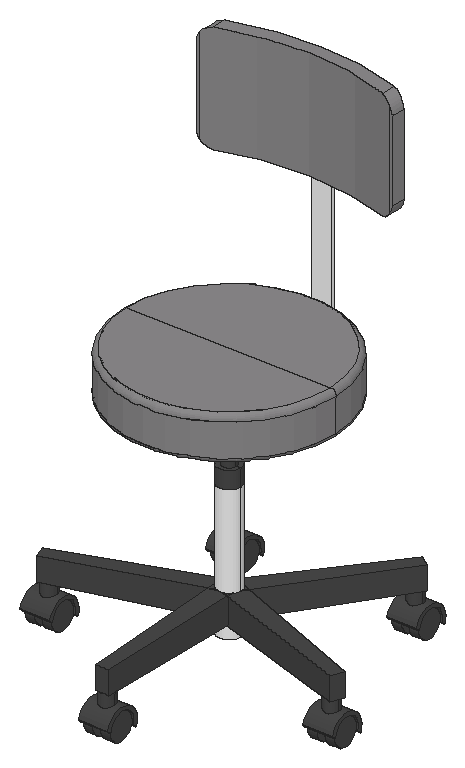
Revit family
Parameters (values of type "Value Series Stool")
  Upholstery = Upholstery - Midmark - 232 - Shadow
  URL = "http://www.midmark.com"
  Product Page URL = "http://www.midmark.com/en-us/AnimalHealthProducts/Seating/Pages/Midmark271AdjustableStool.aspx"
  Product Documentation Link = "http://www.midmark.com/marketing-collateral/007-0558-00.pdf"
  Model = "271"
  Manufacturer = "Midmark"
  Lift Height = Calculated Height - 0' 2"  # 1' - 4"
  Height = 1' - 6"
  Description = "Value Series Stool"
  Calculated Height = if(Height < 1' 6", 1' 6", if(Height > 2' 0 1/2", 2' 0 1/2", Height))  # 1' - 6"
  Assembly Code = "E2020"
Reference planes (in)
  plane 1 "Center Front/Back": y = 0
  plane 2: z = 0
  plane 3 "Center Left/Right": x = 0
  plane 4: z = 18
  plane 5: z = 5.25
  plane 6: z = 2
  plane 7: x = -12.11968
  plane 8: x = 11.86968
  plane 9: y = 10.87905
  plane 10: y = -12.83061
  plane 11: x = -12.86968
  plane 12: x = 12.61968
  plane 13: y = -13.58061
  plane 14: y = 11.62905
  plane 15: z = 21.5
  plane 16: y = 4
  plane 17: z = 38.25
Forms (in)
  Extrusion 1, solid, material "Chair - Midmark Coarse View", detail levels coarse
    sketch origin (0, 0, 0) x (1, 0, 0) y (0, 1, 0)
      loop
        line (-12.86968, 11.62905) -> (-12.86968, -13.58061) -> (12.61968, -13.58061) -> (12.61968, 11.62905) -> (-12.86968, 11.62905)
    from 0 to 38.25
Lines and regions (in)
  Masking region 1, detail levels coarse
    outline origin (0, 0, 0) x (1, 0, 0) y (0, 1, 0)
      loop
        line (-12.86968, 11.62905) -> (-12.86968, -13.58061) -> (12.61968, -13.58061) -> (12.61968, 11.62905) -> (-12.86968, 11.62905)
  Masking region 2, detail levels coarse
    outline origin (0, 0, 0) x (1, 0, 0) y (0, 0, 1)
      loop
        line (-12.86968, 38.25) -> (-12.86968, 0) -> (12.61968, 0) -> (12.61968, 38.25) -> (-12.86968, 38.25)
  Masking region 3, detail levels coarse
    outline origin (0, 0, 0) x (0, 1, 0) y (0, 0, 1)
      loop
        line (11.62905, 38.25) -> (-13.58061, 38.25) -> (-13.58061, 0) -> (11.62905, 0) -> (11.62905, 38.25)
Dimensions and locks (in)
  "Calculated Height": plane 4 to plane 2
  locked: plane 5 to plane 2 at 5.25
  locked: plane 6 to plane 2 at 2
  plane 14 to plane 9 to plane 1 "Center Front/Back" to plane 10 to plane 13 = 0' - 0 3/4" locked, 0' - 10.87905" locked, 1' - 0.83061" locked, 0' - 0 3/4" locked
  plane 11 to plane 7 = 0' - 0 3/4"
  locked: plane 15 to plane 4 at 3.5
  plane 3 "Center Left/Right" to plane 8 to Extrusion 1 = 0' - 11.86968" locked, 0' - 0 3/4" locked
  Extrusion 1 to plane 7 to plane 3 "Center Left/Right" = 0' - 0 3/4" locked, 1' - 0.11968" locked
  locked: plane 16 to plane 1 "Center Front/Back" at 4
  locked: plane 17 to plane 15 at 16.75
  plane 11 to plane 3 "Center Left/Right" to plane 12 = 1' - 0.86968" locked, 1' - 0.61968" locked
  aligned and locked: level to plane 2
  aligned and locked: plane 3 "Center Left/Right" to nested 2
  aligned and locked: plane 3 "Center Left/Right" to nested 1
  aligned and locked: plane 2 to nested 2
  aligned: plane 4 to nested 1
  aligned and locked: plane 1 "Center Front/Back" to nested 2
  aligned and locked: plane 1 "Center Front/Back" to nested 1
  aligned: plane 5 to nested 1
  aligned: nested 1 to plane 6
  aligned and locked: nested 3 to plane 4
  aligned and locked: plane 3 "Center Left/Right" to nested 3
  aligned and locked: plane 1 "Center Front/Back" to nested 3
  aligned and locked: nested 1 to plane 6
  aligned: plane 4 to nested 4
  aligned and locked: plane 3 "Center Left/Right" to nested 4
  aligned: Extrusion 1 to plane 15
  aligned and locked: plane 13 to Extrusion 1 sketch curve
  aligned and locked: Extrusion 1 sketch curve to plane 11
  aligned and locked: plane 14 to Extrusion 1 sketch curve
  aligned and locked: plane 12 to Extrusion 1
  aligned and locked: Extrusion 1 to plane 2
  aligned and locked: plane 13 to Masking region 1 sketch curve
  aligned and locked: Masking region 1 sketch curve to plane 11
  aligned and locked: plane 14 to Masking region 1 sketch curve
  aligned and locked: Masking region 1 sketch curve to plane 12
  aligned and locked: Masking region 2 sketch curve to plane 11
  aligned and locked: Masking region 2 sketch curve to plane 12
  aligned and locked: plane 2 to Masking region 2 sketch curve
  aligned and locked: plane 4 to nested 4
  aligned and locked: plane 4 to nested 5
  aligned and locked: plane 3 "Center Left/Right" to nested 5
  aligned and locked: nested 5 to plane 16
  aligned: nested 4 to plane 1 "Center Front/Back"
  aligned and locked: plane 17 to Extrusion 1
  aligned and locked: plane 17 to Masking region 2
  aligned and locked: plane 17 to Masking region 3 sketch curve
  aligned and locked: nested 4 to plane 1 "Center Front/Back"
  aligned and locked: Masking region 3 to plane 14
  aligned and locked: Masking region 3 to plane 13
  aligned and locked: Masking region 3 to plane 2
Automatic sketch dimensions
  Extrusion 1 sketch curve to plane 8 = 0' - 0 3/4"
  Masking region 2 sketch curve to plane 17 = 0' - 0"
  plane 13 to Masking region 3 sketch curve = 0' - 0"
  level to Masking region 3 sketch curve = 0' - 0"
  plane 9 to Masking region 3 sketch curve = 0' - 0 3/4"
Nested families (in)
  nested 1: "Hydralic Lift Chrome" at (0, 0, 2), type "Hydralic Lift Chrome"
  nested 2: "Feet Black" at (0, 0, 0), type "Feet Black"
  nested 3: "Round Cushion" at (0, 0, 18), type "Round Cushion"
  nested 4: "Air Lift No Lever" at (0, 1.875, 16.5), type "Air Lift No Lever"
  nested 5: "Chair Back Flat" at (0, 6.48584, 17.75), type "Chair Back Flat"
Definition of nested family "Hydralic Lift Chrome"
  Parameters (values of type "Hydralic Lift Chrome")
    Top Lift Material = Chair - Midmark - Chrome
    Height = 1' - 4"
    Bottom Lift Material = Chair - Midmark - Chrome
    Assembly Code = ""
  Reference planes (in)
    plane 1 "Center Front/Back": y = 0
    plane 2: z = 0
    plane 3 "Center Left/Right": x = 0
    plane 4: x = -0.87626
    plane 5: x = 0.87374
    plane 6: z = 16
    plane 7: y = 0.87671
    plane 8: y = -0.87329
    plane 9: z = 0
    plane 10 "Caster Instalation Point": z = 3.25
    plane 11: z = 11.39696
  Forms (in)
    Revolve 1, solid, material "Chair - Midmark - Chrome" <- "Bottom Lift Material"
      sketch origin (-0.00126, 0.00171, -2) x (1, 0, 0) y (0, 0, 1)
        loop
          line (0, 2) -> (0, 12.14696) -> (-0.875, 12.14696) -> (-0.875, 2) -> (0, 2)
        axis (0, 2) -> (0, 12.14696)
      angle from 0 to 360
    Revolve 2, solid, material "Chair - Midmark - Chrome" <- "Top Lift Material"
      sketch origin (-0.00126, 0.00171, -2) x (1, 0, 0) y (0, 0, 1)
        loop
          line (-0.875, 12.14696) -> (0, 12.14696) -> (0, 18) -> (-0.5, 18) -> (-0.5, 13.39696) -> (-0.875, 13.39696) -> (-0.875, 12.14696)
        axis (0, 18) -> (0, 12.14696)
      angle from 0 to 360
  Lines and regions (in)
    Masking region 1, detail levels medium+fine
      outline origin (0, 0, 0) x (1, 0, 0) y (0, 0, 1)
        loop
          line (-0.87626, 0) -> (0.87374, 0) -> (0.87374, 11.39696) -> (0.49874, 11.39696) -> (0.49874, 16) -> (-0.50126, 16) -> (-0.50126, 11.39696) -> (-0.87626, 11.39696) -> (-0.87626, 0)
    Masking region 2, detail levels coarse
      outline origin (0, 0, 0) x (1, 0, 0) y (0, 0, 1)
        loop
          line (0.87374, 16) -> (-0.87626, 16) -> (-0.87626, 0) -> (0.87374, 0) -> (0.87374, 16)
    Masking region 3, detail levels coarse
      outline origin (0, 0, 0) x (0, 1, 0) y (0, 0, 1)
        loop
          line (0.87671, 0) -> (0.87671, 16) -> (-0.87329, 16) -> (-0.87329, 0) -> (0.87671, 0)
    Masking region 4, detail levels medium+fine
      outline origin (0, 0, 0) x (0, 1, 0) y (0, 0, 1)
        loop
          line (0.87671, 0) -> (0.87671, 11.39696) -> (0.50171, 11.39696) -> (0.50171, 16) -> (-0.49829, 16) -> (-0.49829, 11.39696) -> (-0.87329, 11.39696) -> (-0.87329, 0) -> (0.87671, 0)
    Masking region 5, detail levels coarse
      outline origin (0, 0, 0) x (1, 0, 0) y (0, 1, 0)
        loop
          line (0.87374, 0.87671) -> (-0.87626, 0.87671) -> (-0.87626, -0.87329) -> (0.87374, -0.87329) -> (0.87374, 0.87671)
    Masking region 6, detail levels medium+fine
      outline origin (0, 0, 0) x (1, 0, 0) y (0, 1, 0)
        loop
          circle (0, 0) r 0.87625
    symbolic lines, detail levels fine
      curve 1: line (0, 0.87671, 10.14696) -> (0, -0.87329, 10.14696)
      curve 2: line (-0.87626, 0, 10.14696) -> (0.87374, 0, 10.14696)
      curve 3: line (-0.50126, 0, 11.39696) -> (0.49874, 0, 11.39696)
      curve 4: line (0, 0.50171, 11.39696) -> (0, -0.49829, 11.39696)
      curve 5: circle (0, 0, 0) r 0.5 normal (0, 0, 1)
  Dimensions and locks (in)
    "Height": plane 6 to plane 9
    locked: plane 10 "Caster Instalation Point" to plane 9 at 3.25
    locked: plane 11 to plane 10 "Caster Instalation Point" at 8.14696
    aligned and locked: level to plane 2
    aligned and locked: plane 9 to level
    aligned and locked: Revolve 2 to plane 11  (x2)
  Automatic sketch dimensions
    plane 1 "Center Front/Back" to curve 5 = 0' - 0"
    curve 5 to plane 3 "Center Left/Right" = 0' - 0"
    plane 4 to curve 2 = 0' - 0"
    plane 5 to curve 2 = 0' - 0"
    curve 3 to plane 4 = 0' - 0 3/8"
    plane 5 to curve 3 = 0' - 0 3/8"
    plane 10 "Caster Instalation Point" to curve 2 = 0' - 6.89696"
    curve 2 to curve 3 = 0' - 1 1/4"
    curve 1 to plane 8 = 0' - 0"
    curve 1 to plane 7 = 0' - 0"
    plane 8 to curve 4 = 0' - 0 3/8"
    curve 4 to plane 7 = 0' - 0 3/8"
    plane 10 "Caster Instalation Point" to curve 1 = 0' - 6.89696"
    curve 1 to curve 4 = 0' - 1 1/4"
    Revolve 1 sketch curve to level = 0' - 0"  (x2)
    plane 4 to Revolve 1 sketch curve = 0' - 0"
    Revolve 1 sketch curve to plane 3 "Center Left/Right" = 0' - 0.00126"
    Revolve 1 sketch curve to Revolve 1 sketch curve = 0' - 0"
    plane 10 "Caster Instalation Point" to Revolve 1 sketch curve = 0' - 6 3/4"
    Revolve 1 sketch curve to Revolve 1 sketch curve = 0' - 0.14696"
    plane 4 to Revolve 2 sketch curve = 0' - 0"
    Revolve 2 sketch curve to plane 6 = 0' - 0"  (x2)
    Revolve 2 sketch curve to plane 4 = 0' - 0 3/8"
    Revolve 2 sketch curve to plane 3 "Center Left/Right" = 0' - 0.00126"
    Revolve 2 sketch curve to Revolve 2 sketch curve = 0' - 0"
    plane 10 "Caster Instalation Point" to Revolve 2 sketch curve = 0' - 8.14696"
    Revolve 2 sketch curve to Revolve 2 sketch curve = 0' - 1 1/4"
    Revolve 2 sketch curve to Revolve 2 sketch curve = 0' - 0.89696"
    Masking region 1 sketch curve to level = 0' - 0"
    plane 4 to Masking region 1 sketch curve = 0' - 0"
    Masking region 1 sketch curve to plane 6 = 0' - 0"
    plane 5 to Masking region 1 sketch curve = 0' - 0"
    Masking region 1 sketch curve to plane 4 = 0' - 0 3/8"
    plane 5 to Masking region 1 sketch curve = 0' - 0 3/8"
    plane 10 "Caster Instalation Point" to Masking region 1 sketch curve = 0' - 8.14696"
    Masking region 1 sketch curve to Masking region 1 sketch curve = 0' - 0"
    plane 4 to Masking region 2 sketch curve = 0' - 0"
    Masking region 2 sketch curve to level = 0' - 0"
    plane 5 to Masking region 2 sketch curve = 0' - 0"
    Masking region 2 sketch curve to plane 6 = 0' - 0"
    Masking region 3 sketch curve to plane 6 = 0' - 0"
    Masking region 3 sketch curve to plane 8 = 0' - 0"
    Masking region 3 sketch curve to plane 7 = 0' - 0"
    Masking region 3 sketch curve to level = 0' - 0"
    Masking region 4 sketch curve to level = 0' - 0"
    Masking region 4 sketch curve to plane 8 = 0' - 0"
    Masking region 4 sketch curve to plane 6 = 0' - 0"
    Masking region 4 sketch curve to plane 7 = 0' - 0"
    plane 8 to Masking region 4 sketch curve = 0' - 0 3/8"
    Masking region 4 sketch curve to plane 7 = 0' - 0 3/8"
    plane 10 "Caster Instalation Point" to Masking region 4 sketch curve = 0' - 8.14696"
    Masking region 4 sketch curve to Masking region 4 sketch curve = 0' - 0"
    Masking region 5 sketch curve to plane 4 = 0' - 0"
    Masking region 5 sketch curve to plane 5 = 0' - 0"
    Masking region 5 sketch curve to plane 8 = 0' - 0"
    Masking region 5 sketch curve to plane 7 = 0' - 0"
    plane 1 "Center Front/Back" to Masking region 6 sketch curve = 0' - 0"
    Masking region 6 sketch curve to plane 3 "Center Left/Right" = 0' - 0"
    radius of curve 5 = 0' - 0 1/2"
    radius of Masking region 6 sketch curve = 0' - 0.87625"
Definition of nested family "Feet Black"
  Parameters (values of type "Feet Black")
    Feet Material = Chair - Midmark - Black Plastic
    Assembly Code = ""
  Reference planes (in)
    plane 1 "Center Front/Back": y = 0
    plane 2: z = 0
    plane 3 "Center Left/Right": x = 0
    plane 4: z = 3.14669
    plane 5: x = -12.11968
    plane 6: x = 11.86968
    plane 7: z = 5.14669
    plane 8: y = 10.87905
    plane 9: y = -12.83061
    plane 10: z = 0
    plane 11 "Left": x = -12.6741
    plane 12 "Front": y = -13.53243
    plane 13 "Back": y = 11.53243
    plane 14 "Right": x = 12.4241
  Forms (in)
    Blend 1, solid, material "Chair - Midmark - Black Plastic" <- "Feet Material"
      base sketch origin (-0.02, 0.01151, 2.71936) x (0.999996, 0.002747, 0) y (0, 0, 1)
        loop
          line (0.71241, 2.42733) -> (-0.78759, 2.42733) -> (-0.78759, 0.42733) -> (0.71241, 0.42733) -> (0.71241, 2.42733)
      top sketch origin (-0.02, 0.01151, 2.71936) x (0.999996, 0.002747, 0) y (0, 0, 1)
        loop
          line (-0.50634, 0.42733) -> (0.49366, 0.42733) -> (0.49366, 2.17733) -> (-0.50634, 2.17733) -> (-0.50634, 0.42733)
      from 0 to 12
    Blend 2, solid, material "Chair - Midmark - Black Plastic" <- "Feet Material"
      base sketch origin (0.00505, 0.01375, 2.71936) x (0.331216, 0.943555, 0) y (0, 0, 1)
        loop
          line (0.71241, 2.42733) -> (-0.78759, 2.42733) -> (-0.78759, 0.42733) -> (0.71241, 0.42733) -> (0.71241, 2.42733)
      top sketch origin (0.00505, 0.01375, 2.71936) x (0.331216, 0.943555, 0) y (0, 0, 1)
        loop
          line (-0.50634, 0.42733) -> (0.49366, 0.42733) -> (0.49366, 2.17733) -> (-0.50634, 2.17733) -> (-0.50634, 0.42733)
      from 0 to 12
    Blend 3, solid, material "Chair - Midmark - Black Plastic" <- "Feet Material"
      base sketch origin (-0.00087, -0.04805, 2.71936) x (0.286648, -0.958036, 0) y (0, 0, 1)
        loop
          line (0.71241, 2.42733) -> (-0.78759, 2.42733) -> (-0.78759, 0.42733) -> (0.71241, 0.42733) -> (0.71241, 2.42733)
      top sketch origin (-0.00087, -0.04805, 2.71936) x (0.286648, -0.958036, 0) y (0, 0, 1)
        loop
          line (-0.50634, 0.42733) -> (0.49366, 0.42733) -> (0.49366, 2.17733) -> (-0.50634, 2.17733) -> (-0.50634, 0.42733)
      from 0 to 12
    Blend 4, solid, material "Chair - Midmark - Black Plastic" <- "Feet Material"
      base sketch origin (0.03408, -0.0149, 2.71936) x (0.822567, -0.568668, 0) y (0, 0, -1)
        loop
          line (0.71241, -2.42733) -> (0.71241, -0.42733) -> (-0.78759, -0.42733) -> (-0.78759, -2.42733) -> (0.71241, -2.42733)
      top sketch origin (0.03408, -0.0149, 2.71936) x (0.822567, -0.568668, 0) y (0, 0, -1)
        loop
          line (-0.50634, -0.42733) -> (-0.50634, -2.17733) -> (0.49366, -2.17733) -> (0.49366, -0.42733) -> (-0.50634, -0.42733)
      from 0 to 12
    Blend 5, solid, material "Chair - Midmark - Black Plastic" <- "Feet Material"
      base sketch origin (0.02615, 0.03051, 2.71936) x (0.795022, 0.60658, 0) y (0, 0, -1)
        loop
          line (0.71241, -2.42733) -> (0.71241, -0.42733) -> (-0.78759, -0.42733) -> (-0.78759, -2.42733) -> (0.71241, -2.42733)
      top sketch origin (0.02615, 0.03051, 2.71936) x (0.795022, 0.60658, 0) y (0, 0, -1)
        loop
          line (-0.50634, -0.42733) -> (-0.50634, -2.17733) -> (0.49366, -2.17733) -> (0.49366, -0.42733) -> (-0.50634, -0.42733)
      from 0 to 12
  Lines and regions (in)
    Masking region 1, detail levels coarse
      outline origin (0, -13.53243, 0) x (-1, 0, 0) y (0, 0, 1)
        loop
          line (12.11968, 5.14669) -> (-11.86968, 5.14669) -> (-11.86968, 0) -> (12.11968, 0) -> (12.11968, 5.14669)
    Masking region 2, detail levels coarse
      outline origin (-12.6741, 0, 0) x (0, 1, 0) y (0, 0, 1)
        loop
          line (10.87905, 5.14669) -> (-12.83061, 5.14669) -> (-12.83061, 0) -> (10.87905, 0) -> (10.87905, 5.14669)
    Masking region 3, detail levels coarse
      outline origin (0, 0, 0) x (1, 0, 0) y (0, 1, 0)
        loop
          line (-12.11968, 10.87905) -> (-12.11968, -12.83061) -> (11.86968, -12.83061) -> (11.86968, 10.87905) -> (-12.11968, 10.87905)
    Masking region 4, detail levels medium+fine
      outline origin (0, 0, 0) x (1, 0, 0) y (0, 0, 1)
        loop
          line (-11.29362, 0) -> (-11.29362, 0.4641) -> (-10.70638, 0.4641) -> (-10.70638, 0) -> (-9.98951, 0) -> (-9.98951, 0.4641) -> (-9.88032, 0.4641) -> (-9.88032, 2.35385) -> (-10.44, 2.35385) -> (-10.44, 3.14669) -> (-7.55329, 3.14669) -> (-7.55329, 2.35385) -> (-8.11968, 2.35385) -> (-8.11968, 0.4641) -> (-8.01049, 0.4641) -> (-8.01049, 0) -> (-7.29362, 0) -> (-7.29362, 0.4641) -> (-6.70638, 0.4641) -> (-6.70638, 0) -> (-5.98951, 0) -> (-5.98951, 0.4641) -> (-5.88032, 0.4641) -> (-5.88032, 2.35385) -> (-6.44, 2.35385) -> (-6.44, 3.14669) -> (-0.55329, 3.14669) -> (-0.55329, 2.35385) -> (-1.11968, 2.35385) -> (-1.11968, 0.4641) -> (-1.01049, 0.4641) -> (-1.01049, 0) -> (-0.29362, 0) -> (-0.29362, 0.4641) -> (0.29362, 0.4641) -> (0.29362, 0) -> (1.01049, 0) -> (1.01049, 0.4641) -> (1.11968, 0.4641) -> (1.11968, 2.35385) -> (0.56, 2.35385) -> (0.56, 3.14669) -> (5.93762, 3.14669) -> (5.93762, 2.35385) -> (5.38032, 2.35385) -> (5.38032, 0.4641) -> (5.48951, 0.4641) -> (5.48951, 0) -> (6.20638, 0) -> (6.20638, 0.4641) -> (6.79362, 0.4641) -> (6.79362, 0) -> (7.51049, 0) -> (7.51049, 0.4641) -> (7.61968, 0.4641) -> (7.61968, 2.35385) -> (7.06, 2.35385) -> (7.06, 3.14669) -> (10.19671, 3.14669) -> (10.19671, 2.35385) -> (9.63032, 2.35385) -> (9.63032, 0.4641) -> (9.73951, 0.4641) -> (9.73951, 0) -> (10.45638, 0) -> (10.45638, 0.4641) -> (11.04362, 0.4641) -> (11.04362, 0) -> (11.76049, 0) -> (11.76049, 0.4641) -> (11.86968, 0.4641) -> (11.86968, 2.35385) -> (11.31, 2.35385) -> (11.31, 3.14669) -> (11.49121, 3.14669) -> (11.49121, 4.89669) -> (0.68577, 5.13681) -> (-0.76806, 5.13681) -> (-11.64244, 4.89669) -> (-11.64244, 3.14669) -> (-11.55329, 3.14669) -> (-11.55329, 2.35385) -> (-12.11968, 2.35385) -> (-12.11968, 0.4641) -> (-12.01049, 0.4641) -> (-12.01049, 0) -> (-11.29362, 0)
    Masking region 5, detail levels medium+fine
      outline origin (0, 0, 0) x (0, 1, 0) y (0, 0, 1)
        loop
          arc (10.78122, 0.4641) -> (10.77146, 1.50846) -> (10.03266, 2.24667) r 1.37951
          line (10.03266, 2.24667) -> (10.03266, 3.14669) -> (10.14385, 3.14669) -> (10.14839, 4.87753) -> (-0.00333, 5.13888) -> (-12.08812, 4.88709) -> (-12.08812, 2.21814)
          arc (-12.08812, 2.21814) -> (-12.56152, 1.84498) -> (-12.83061, 1.30559) r 1.37951
          line (-12.83061, 1.30559) -> (-12.4904, 0.96538)
          arc (-12.4904, 0.96538) -> (-11.58868, 0.00478) -> (-10.5174, 0.77172) r 1
          line (-10.5174, 0.77172) -> (-10.20978, 0.4641)
          arc (-10.20978, 0.4641) -> (-10.22081, 1.51145) -> (-10.96434, 2.24917) r 1.37951
          line (-10.96434, 2.24917) -> (-10.96434, 3.14669) -> (-4.33492, 3.14669) -> (-4.33492, 2.22392)
          arc (-4.33492, 2.22392) -> (-4.81625, 1.85021) -> (-5.08961, 1.30559) r 1.37951
          line (-5.08961, 1.30559) -> (-4.74804, 0.96402)
          arc (-4.74804, 0.96402) -> (-4.35165, 0.20158) -> (-3.50881, 0.03407) r 0.99276
          arc (-3.50881, 0.03407) -> (-2.73642, 0.14196) -> (-2.2764, 0.77172) r 1
          line (-2.2764, 0.77172) -> (-1.96878, 0.4641)
          arc (-1.96878, 0.4641) -> (-1.97757, 1.50613) -> (-2.71269, 2.24471) r 1.37951
          line (-2.71269, 2.24471) -> (-2.71269, 3.14669) -> (8.6558, 3.14669) -> (8.6558, 2.21954)
          arc (8.6558, 2.21954) -> (8.1805, 1.84624) -> (7.91039, 1.30559) r 1.37951
          line (7.91039, 1.30559) -> (8.25, 1)
          arc (8.25, 1) -> (8.63833, 0.20254) -> (9.50189, 0) r 1.03326
          arc (9.50189, 0) -> (10.04186, 0.15959) -> (10.40777, 0.58755) r 0.99117
          line (10.40777, 0.58755) -> (10.53122, 0.4641)
          arc (10.53122, 0.4641) -> (10.55798, 0.56372) -> (10.58105, 0.66427) r 2.79724
          line (10.58105, 0.66427) -> (10.78122, 0.4641)
    Masking region 6, detail levels medium+fine
      outline origin (0, 0, 0) x (1, 0, 0) y (0, 1, 0)
        loop
          line (1.11968, -12.83061) -> (1.11968, -10.11952) -> (0.56, -10.11952) -> (0.67622, -1.03222) -> (9.63032, -3.94159) -> (9.63032, -5.08961) -> (11.86968, -5.08961) -> (11.88032, -2.38179) -> (9.63032, -2.38179) -> (9.64126, -2.80754) -> (1.13452, 0.35388) -> (6.32371, 8.16039) -> (7.61968, 8.16039) -> (7.61968, 10.86821) -> (5.38032, 10.86821) -> (5.38887, 8.73511) -> (-0.01517, 1.22973) -> (-5.86968, 8.61974) -> (-5.86968, 10.62905) -> (-8.11968, 10.62905) -> (-8.11968, 7.91039) -> (-6.67216, 7.91039) -> (-1.20683, 0.388) -> (-9.88032, -2.43019) -> (-9.88032, -1.87095) -> (-12.11968, -1.87095) -> (-12.11968, -4.58961) -> (-9.88032, -4.58961) -> (-9.88032, -3.54845) -> (-0.78101, -1.00564) -> (-0.54255, -10.11195) -> (-1.11968, -10.11195) -> (-1.11968, -12.83061) -> (1.11968, -12.83061)
    symbolic lines, detail levels fine
      curve 1: line (11.16, 0, 3.14669) -> (11.16, 0, 4.89669)
      curve 2: line (-11.35579, 0, 3.14669) -> (-11.35579, 0, 4.89669)
      curve 3: line (-12.11968, 0, 1.09001) -> (-9.88032, 0, 1.09001)
      curve 4: line (-12.11968, 0, 1.30559) -> (-9.88032, 0, 1.30559)
      curve 5: line (-10.70638, 0, 1.09001) -> (-10.70206, 0, 0.45757)
      curve 6: line (-11.29362, 0, 1.09001) -> (-11.29362, 0, 0.4641)
      curve 7: line (-12.11968, 0, 0.66069) -> (-12.01049, 0, 0.66069)
      curve 8: line (-11.29362, 0, 0.66069) -> (-10.70345, 0, 0.66069)
      curve 9: line (-9.98951, 0, 0.66069) -> (-9.88032, 0, 0.66069)
      curve 10: line (-8.11968, 0, 1.09001) -> (-5.88032, 0, 1.09001)
      curve 11: line (-8.11968, 0, 1.30559) -> (-5.88032, 0, 1.30559)
      curve 12: line (-6.70638, 0, 1.09001) -> (-6.70206, 0, 0.45757)
      curve 13: line (-7.29362, 0, 1.09001) -> (-7.29362, 0, 0.4641)
      curve 14: line (-8.11968, 0, 0.66069) -> (-8.01049, 0, 0.66069)
      curve 15: line (-7.29362, 0, 0.66069) -> (-6.70345, 0, 0.66069)
      curve 16: line (-5.98951, 0, 0.66069) -> (-5.88032, 0, 0.66069)
      curve 17: line (-1.11968, 0, 1.09001) -> (1.11968, 0, 1.09001)
      curve 18: line (-1.11968, 0, 1.30559) -> (1.11968, 0, 1.30559)
      curve 19: line (0.29362, 0, 1.09001) -> (0.29794, 0, 0.45757)
      curve 20: line (-0.29362, 0, 1.09001) -> (-0.29362, 0, 0.4641)
      curve 21: line (-1.11968, 0, 0.66069) -> (-1.01049, 0, 0.66069)
      curve 22: line (-0.29362, 0, 0.66069) -> (0.29655, 0, 0.66069)
      curve 23: line (1.01049, 0, 0.66069) -> (1.11968, 0, 0.66069)
      curve 24: line (5.38032, 0, 1.09001) -> (7.61968, 0, 1.09001)
      curve 25: line (5.38032, 0, 1.30559) -> (7.61968, 0, 1.30559)
      curve 26: line (6.79362, 0, 1.09001) -> (6.79794, 0, 0.45757)
      curve 27: line (6.20638, 0, 1.09001) -> (6.20638, 0, 0.4641)
      curve 28: line (5.38032, 0, 0.66069) -> (5.48951, 0, 0.66069)
      curve 29: line (6.20638, 0, 0.66069) -> (6.79655, 0, 0.66069)
      curve 30: line (7.51049, 0, 0.66069) -> (7.61968, 0, 0.66069)
      curve 31: line (9.63032, 0, 1.09001) -> (11.86968, 0, 1.09001)
      curve 32: line (9.63032, 0, 1.30559) -> (11.86968, 0, 1.30559)
      curve 33: line (11.04362, 0, 1.09001) -> (11.04794, 0, 0.45757)
      curve 34: line (10.45638, 0, 1.09001) -> (10.45638, 0, 0.4641)
      curve 35: line (9.63032, 0, 0.66069) -> (9.73951, 0, 0.66069)
      curve 36: line (10.45638, 0, 0.66069) -> (11.04655, 0, 0.66069)
      curve 37: line (11.76049, 0, 0.66069) -> (11.86968, 0, 0.66069)
      curve 55: line (-0.49337, -11.98984, 0) -> (0.50663, -11.98984, 0)
      curve 56: line (0.50663, -11.98984, 0) -> (0.53568, -10.11316, 0)
      curve 57: line (-0.54251, -10.11347, 0) -> (-0.49337, -11.98984, 0)
      curve 58: line (9.63032, -3.94159, 0) -> (11.16, -4.43861, 0)
      curve 59: line (11.16, -4.43861, 0) -> (11.49121, -3.49506, 0)
      curve 60: line (11.49121, -3.49506, 0) -> (9.61649, -2.79834, 0)
      curve 61: line (5.38032, 8.68314, 0) -> (6.44159, 10.14385, 0)
      curve 62: line (6.44159, 10.14385, 0) -> (7.27439, 9.59027, 0)
      curve 63: line (7.27439, 9.59027, 0) -> (6.32915, 8.16857, 0)
      curve 64: line (-6.67216, 7.91039, 0) -> (-7.65536, 9.26364, 0)
      curve 65: line (-7.65536, 9.26364, 0) -> (-6.87152, 9.88461, 0)
      curve 66: line (-6.87152, 9.88461, 0) -> (-5.89303, 8.64949, 0)
      curve 67: line (-9.88032, -3.54845, 0) -> (-11.31738, -3.97842, 0)
      curve 68: line (-11.31738, -3.97842, 0) -> (-11.62639, -3.02737, 0)
      curve 69: line (-11.62639, -3.02737, 0) -> (-9.88032, -2.46003, 0)
      curve 70: line (0, 9.78318, 2.24646) -> (0, 9.78318, 3.14669)
      curve 71: line (0, 9.78318, 3.14669) -> (0, 9.87022, 3.14669)
      curve 72: line (0, 9.87022, 3.14669) -> (0, 9.87022, 4.89669)
      curve 73: line (0, 9.26364, 3.14669) -> (0, 9.26364, 4.89669)
      curve 74: line (0, -3.00274, 3.14669) -> (0, -3.00274, 4.89669)
      curve 75: line (0, -3.00274, 4.89669) -> (0, 0.48934, 5.13206)
      curve 76: line (0, -3.00274, 4.89669) -> (0, -3.96077, 4.89669)
      curve 77: line (0, -3.96077, 4.89669) -> (0, -0.73852, 5.14608)
      curve 78: line (0, -3.96077, 4.89669) -> (0, -3.96077, 3.14669)
      curve 79: line (0, -10.96434, 2.24917) -> (0, -10.96434, 3.14669)
      curve 80: line (0, -11.98709, 3.14669) -> (0, 10.03266, 3.14669)
      curve 81: arc (0, -11.491, 0) -> (0, -10.78389, 1.70711) -> (0, -12.491, 1) r 1
      curve 82: arc (0, -12.61503, 1.09001) -> (0, -11.27594, 2.0831) -> (0, -10.40637, 0.66069) r 1.12951
      curve 83: arc (0, -12.07696, 2.22344) -> (0, -10.54543, 1.97837) -> (0, -10.20978, 0.4641) r 1.37951
      curve 84: line (0, -4.33492, 3.14669) -> (0, -4.33492, 2.22392)
      curve 85: line (0, -3.83887, 3.14669) -> (0, -3.83887, 2.22207)
      curve 86: line (0, -2.71269, 3.14669) -> (0, -2.71269, 2.24471)
      curve 87: circle (0, -3.25, 1.00671) r 0.99975 normal (1, 0, 0)
      curve 88: line (0, -1.96878, 0.4641) -> (0, -2.16537, 0.66069)
      curve 89: line (0, -4.37403, 1.09001) -> (0, -4.58961, 1.30559)
      curve 90: line (0, -4.87403, 1.09001) -> (0, -5.08961, 1.30559)
      curve 91: arc (0, -5.08961, 1.30559) -> (0, -4.63517, 2.0328) -> (0, -3.83887, 2.35102) r 1.37951
      curve 92: arc (0, -4.87403, 1.09001) -> (0, -4.64461, 1.66541) -> (0, -4.1418, 2.02722) r 1.10602
      curve 93: arc (0, -4.58961, 1.30559) -> (0, -2.82873, 2.28781) -> (0, -1.96878, 0.4641) r 1.37951
      curve 94: arc (0, -4.37403, 1.09001) -> (0, -3.03494, 2.0831) -> (0, -2.16537, 0.66069) r 1.12951
      curve 95: arc (0, 7.91039, 1.30559) -> (0, 9.58079, 2.31349) -> (0, 10.58869, 0.64309) r 1.37951
      curve 96: arc (0, 10.03807, 2.24439) -> (0, 9.91135, 2.28574) -> (0, 9.78318, 2.32232) r 3.56322
      curve 97: arc (0, 8.25, 1) -> (0, 9.25, 2) -> (0, 10.25, 1) r 1
      curve 98: arc (0, 8.25, 1) -> (0, 9.25, 0) -> (0, 10.25, 1) r 1
      curve 99: line (0, 8.6558, 2.21954) -> (0, 8.6558, 3.14669)
      curve 100: arc (0, -4.37789, 1.76929) -> (0, -4.64034, 0.54492) -> (0, -3.49554, 0.03758) r 0.99276
      curve 101: arc (0, 10.33463, 0.66069) -> (0, 9.46506, 2.0831) -> (0, 8.12597, 1.09001) r 1.12951
      curve 102: line (0, 10.53122, 0.4641) -> (0, 10.33463, 0.66069)
      curve 103: line (0, 8.12597, 1.09001) -> (0, 7.91039, 1.30559)
      curve 104: line (0, -10.40637, 0.66069) -> (0, -10.20978, 0.4641)
      curve 105: line (-11.55329, 0, 3.14669) -> (-10.44, 0, 3.14669)
      curve 106: line (-7.55329, 0, 3.14669) -> (-6.44, 0, 3.14669)
      curve 107: line (-0.55329, 0, 3.14669) -> (0.56, 0, 3.14669)
      curve 108: line (5.93762, 0, 3.14669) -> (7.06, 0, 3.14669)
      curve 109: line (10.19671, 0, 3.14669) -> (11.31, 0, 3.14669)
    symbolic lines, style "Furniture", detail levels fine
      curve 38: line (-11.55329, 0, 2.35385) -> (-10.44, 0, 2.35385)
      curve 39: line (-7.55329, 0, 2.35385) -> (-6.44, 0, 2.35385)
      curve 40: line (-0.55329, 0, 2.35385) -> (0.56, 0, 2.35385)
      curve 41: line (5.93762, 0, 2.35385) -> (7.06, 0, 2.35385)
      curve 42: line (11.16, 0, 3.14669) -> (11.16, 0, 4.89669)
      curve 43: line (7.26416, 0, 3.14669) -> (7.26416, 0, 4.89669)
      curve 44: line (7.26416, 0, 4.89669) -> (0.62008, 0, 5.14669)
      curve 45: line (6.44159, 0, 3.14669) -> (6.44159, 0, 4.89669)
      curve 46: line (6.44159, 0, 4.89669) -> (-0.20312, 0, 5.13214)
      curve 47: line (-7.67041, 0, 3.14669) -> (-7.67041, 0, 4.89669)
      curve 48: line (-7.67041, 0, 4.89669) -> (-1.02633, 0, 5.14669)
      curve 49: line (-6.84784, 0, 3.14669) -> (-6.84784, 0, 4.89669)
      curve 50: line (-6.84784, 0, 4.89669) -> (-0.20312, 0, 5.13214)
      curve 51: line (-7.55329, 0, 2.35385) -> (-6.44, 0, 2.35385)
      curve 52: line (-0.55329, 0, 2.35385) -> (0.56, 0, 2.35385)
      curve 53: line (5.94671, 0, 2.35385) -> (7.06, 0, 2.35385)
      curve 54: line (10.19671, 0, 2.35385) -> (11.31, 0, 2.35385)
  Dimensions and locks (in)
    aligned and locked: level to plane 2
  Nested families (in)
    nested 1: "Casters Black" at (0, -11.491, 0), type "Casters Black"
    nested 2: "Casters Black" at (-11, -3.25, 0), type "Casters Black"
    nested 3: "Casters Black" at (-7, 9.25, 0), type "Casters Black"
    nested 4: "Casters Black" at (6.5, 9.5, 0), type "Casters Black"
    nested 5: "Casters Black" at (10.75, -3.75, 0), type "Casters Black"
  Definition of nested family "Casters Black"
    Parameters (values of type "Casters Black")
      Assembly Code = ""
    Reference planes (in)
      plane 1 "Center Front/Back": y = 0
      plane 2: z = 0
      plane 3 "Center Left/Right": x = 0
      plane 4: z = 3.14669
      plane 5: x = 1.11968
      plane 6: x = -1.11968
    Forms (in)
      Extrusion 1, solid, material "Chair - Midmark - Black Plastic"
        sketch origin (-0.01049, 0, -0.76917) x (0, -1, 0) y (0, 0, 1)
          loop
            circle (0, 1.76917) r 1
        from 0.28313 to 1
      Extrusion 2, solid, material "Chair - Midmark - Black Plastic"
        sketch origin (-0.01049, 0, -0.76917) x (0, -1, 0) y (0, 0, 1)
          loop
            arc (-1.08463, 1.42986) -> (-0.21506, 2.85227) -> (1.12403, 1.85918) r 1.12951
            line (1.12403, 1.85918) -> (1.33961, 2.07476)
            arc (1.33961, 2.07476) -> (-0.42127, 3.05698) -> (-1.28122, 1.23327) r 1.37951
            line (-1.28122, 1.23327) -> (-1.08463, 1.42986)
        from -1.13017 to 1.10918
      Extrusion 3, solid, material "Chair - Midmark - Black Plastic"
        sketch origin (0, 0.42399, -0.76917) x (1, 0, 0) y (0, 1, 0)
          loop
            circle (0, -0.45133) r 0.56
        from 2.89024 to 3.91587
      Extrusion 4, solid, material "Chair - Midmark - Black Plastic"
        sketch origin (0.01049, 0, -0.76917) x (0, -1, 0) y (0, 0, -1)
          loop
            circle (0, -1.76917) r 1
        from 0.28313 to 1
    Dimensions and locks (in)
      aligned and locked: level to plane 2
Definition of nested family "Round Cushion"
  Parameters (values of type "Round Cushion")
    Upholstery = Upholstery - Midmark - 216 - Pebble Grey
    Assembly Code = ""
  Reference planes (in)
    plane 1 "Center Front/Back": y = 0
    plane 2: z = 0
    plane 3 "Center Left/Right": x = 0
    plane 4: x = -8.09717
    plane 5: z = 3.25
    plane 6: x = 8.09293
    plane 7: y = 8.05646
    plane 8: y = -8.11896
    plane 9: z = 0
  Forms (in)
    Revolve 1, solid, material "Upholstery - Midmark - 216 - Pebble Grey" <- "Upholstery"
      sketch origin (-0.00688, -0.01945, -23) x (1, 0, 0) y (0, 0, 1)
        loop
          arc (-8.071, 23.25) -> (-7.99777, 23.07322) -> (-7.821, 23) r 0.25
          line (-7.821, 23) -> (0, 23) -> (0, 26.25) -> (-7.72089, 26.25)
          arc (-7.72089, 26.25) -> (-7.97477, 26.05519) -> (-8.071, 25.75) r 0.53209
          line (-8.071, 25.75) -> (-8.071, 23.25)
        axis (0, 26.25) -> (0, 23)
      angle from 0 to 360
  Lines and regions (in)
    Masking region 1, detail levels medium+fine
      outline origin (0, 0, 0) x (1, 0, 0) y (0, 0, 1)
        loop
          arc (-8.09717, 0.2242) -> (-8.03151, 0.06567) -> (-7.87297, 0) r 0.2242
          line (-7.87297, 0) -> (0, 0) -> (7.86873, 0)
          arc (7.86873, 0) -> (8.02726, 0.06567) -> (8.09293, 0.2242) r 0.2242
          line (8.09293, 0.2242) -> (8.09293, 2.7242)
          arc (8.09293, 2.7242) -> (7.99158, 3.04528) -> (7.72427, 3.25) r 0.55928
          line (7.72427, 3.25) -> (-0.00688, 3.25) -> (-7.72852, 3.25)
          arc (-7.72852, 3.25) -> (-7.99583, 3.04528) -> (-8.09717, 2.7242) r 0.55928
          line (-8.09717, 2.7242) -> (-8.09717, 0.2242)
    Masking region 2, detail levels coarse
      outline origin (-0.03199, 0, 0) x (1, 0, 0) y (0, 0, 1)
        loop
          line (-8.06518, 0) -> (8.12492, 0) -> (8.12492, 3.25) -> (-8.06518, 3.25) -> (-8.06518, 0)
    Masking region 3, detail levels coarse
      outline origin (0, 0, 0) x (0, 1, 0) y (0, 0, 1)
        loop
          line (8.05646, 3.25) -> (-8.10527, 3.25) -> (-8.10527, 0) -> (8.05646, 0) -> (8.05646, 3.25)
    Masking region 4, detail levels medium+fine
      outline origin (0, 0, 0) x (0, 1, 0) y (0, 0, 1)
        loop
          line (7.70581, 3.25) -> (-7.73706, 3.25)
          arc (-7.73706, 3.25) -> (-7.99996, 3.11227) -> (-8.10527, 2.83479) r 0.41821
          line (-8.10527, 2.83479) -> (-8.10527, 0.22108)
          arc (-8.10527, 0.22108) -> (-8.03423, 0.05843) -> (-7.86663, 0) r 0.22173
          line (-7.86663, 0) -> (7.83538, 0)
          arc (7.83538, 0) -> (7.9917, 0.06475) -> (8.05646, 0.22108) r 0.22108
          line (8.05646, 0.22108) -> (8.05646, 2.83212)
          arc (8.05646, 2.83212) -> (7.93976, 3.09025) -> (7.70581, 3.25) r 0.52432
    Masking region 5, detail levels coarse
      outline origin (0, 0, 0) x (1, 0, 0) y (0, 1, 0)
        loop
          line (8, -8.09302) -> (8, 8) -> (-8, 8) -> (-8, -8.09302) -> (8, -8.09302)
    Masking region 6, detail levels medium+fine
      outline origin (0, 0, 0) x (1, 0, 0) y (0, 1, 0)
        loop
          circle (0, 0) r 8
    symbolic lines, detail levels fine
      curve 1: circle (0, 0, 0) r 7.72775 normal (0, 0, 1)
  Dimensions and locks (in)
    aligned and locked: level to plane 2
Definition of nested family "Air Lift No Lever"
  Parameters (values of type "Air Lift No Lever")
    Seat Connector Material = Chair - Midmark - Black Plastic
    Lever Tip Material = Chair - Midmark - Black Plastic
    Lever Material = Chair - Midmark - Chrome
    Assembly Code = ""
  Reference planes (in)
    plane 1 "Center Front/Back": y = 0
    plane 2: z = 0
    plane 3 "Center Left/Right": x = 0
    plane 4 "Back": y = 3
    plane 5 "Front": y = -3
    plane 6 "Front1": y = -3.75
    plane 7 "Back1": y = 3.75
    plane 8 "Left": x = -2.25
    plane 9 "Right": x = 2.25
    plane 10: y = -1.875
  Forms (in)
    Extrusion 1, solid, material "Chair - Midmark - Black Plastic" <- "Seat Connector Material"
      sketch origin (-2.1875, 0, 0) x (1, 0, 0) y (0, 0, 1)
        loop
          line (0.1875, 1.25) -> (0.36065, 1.25)
          arc (0.36065, 1.25) -> (0.49776, 0.56215) -> (0.91719, 0) r 1.59184
          line (0.91719, 0) -> (2.1875, 0) -> (3.45781, 0)
          arc (3.45781, 0) -> (3.87724, 0.56215) -> (4.01435, 1.25) r 1.59184
          line (4.01435, 1.25) -> (4.1875, 1.25) -> (4.1875, 1.5) -> (3.73306, 1.5)
          arc (3.73306, 1.5) -> (3.70908, 0.82675) -> (3.36093, 0.25) r 1.34184
          line (3.36093, 0.25) -> (2.1875, 0.25) -> (1.01407, 0.25)
          arc (1.01407, 0.25) -> (0.66592, 0.82675) -> (0.64194, 1.5) r 1.34184
          line (0.64194, 1.5) -> (0.1875, 1.5) -> (0.1875, 1.25)
      from -3 to 3
  Lines and regions (in)
    Masking region 1
      outline origin (2.1875, 0, 0) x (1, 0, 0) y (0, 1, 0)
        loop
          line (-0.1875, -3) -> (-0.1875, 3) -> (-4.1875, 3) -> (-4.1875, -3) -> (-0.1875, -3)
    Masking region 2, detail levels coarse
      outline origin (0, -3.75, 0) x (-1, 0, 0) y (0, 0, 1)
        loop
          line (-2, 1.5) -> (-2, -0.37896) -> (2, -0.37896) -> (2, 1.5) -> (-2, 1.5)
    Masking region 3, detail levels coarse
      outline origin (0, 3.75, 0) x (-1, 0, 0) y (0, 0, 1)
        loop
          line (-2, 1.5) -> (-2, -0.37896) -> (2, -0.37896) -> (2, 1.5) -> (-2, 1.5)
    Masking region 4, detail levels coarse
      outline origin (-2.25, 0, 0) x (0, -1, 0) y (0, 0, 1)
        loop
          line (-3, -0.38413) -> (3, -0.38413) -> (3, 1.5) -> (-3, 1.5) -> (-3, -0.38413)
    Masking region 5, detail levels coarse
      outline origin (2.25, 0, 0) x (0, 1, 0) y (0, 0, 1)
        loop
          line (-3, 1.5) -> (-3, -0.38413) -> (3, -0.38413) -> (3, 1.5) -> (-3, 1.5)
  Dimensions and locks (in)
    equal spacing: plane 4 "Back", plane 1 "Center Front/Back", plane 5 "Front"
    plane 10 to plane 5 "Front" = 0' - 1 1/8"
    aligned and locked: level to plane 2
    aligned and locked: Extrusion 1 to plane 5 "Front"
    aligned and locked: plane 4 "Back" to Extrusion 1
  Automatic sketch dimensions
    Masking region 1 sketch curve to plane 5 "Front" = 0' - 0"
    Masking region 1 sketch curve to plane 4 "Back" = 0' - 0"
    Masking region 1 sketch curve to plane 3 "Center Left/Right" = 0' - 2"
    plane 3 "Center Left/Right" to Masking region 1 sketch curve = 0' - 2"
    Extrusion 1 sketch curve to Extrusion 1 sketch curve = 0' - 0"  (x6)
    Extrusion 1 sketch curve to level = 0' - 0"
    Extrusion 1 sketch curve to plane 3 "Center Left/Right" = 0' - 2"
    Extrusion 1 sketch curve to Extrusion 1 sketch curve = 0' - 0.17315"  (x2)
    Extrusion 1 sketch curve to Extrusion 1 sketch curve = 0' - 0.28129"  (x2)
    Extrusion 1 sketch curve to plane 3 "Center Left/Right" = 0' - 1.27031"
    level to Extrusion 1 sketch curve = 0' - 0 1/4"
    Extrusion 1 sketch curve to Extrusion 1 sketch curve = 0' - 0.09688"  (x2)
    level to Extrusion 1 sketch curve = 0' - 1.20961"
    Extrusion 1 sketch curve to Extrusion 1 sketch curve = 0' - 1.31004"
    Extrusion 1 sketch curve to Extrusion 1 sketch curve = 0' - 0.23552"
    Extrusion 1 sketch curve to Extrusion 1 sketch curve = 0' - 0.47105"
    Extrusion 1 sketch curve to Extrusion 1 sketch curve = 0' - 1.17343"
    Extrusion 1 sketch curve to Extrusion 1 sketch curve = 0' - 0.37213"
    Masking region 2 sketch curve to level = 0' - 0.37896"
    plane 3 "Center Left/Right" to Masking region 2 sketch curve = 0' - 2"
    level to Masking region 2 sketch curve = 0' - 1 1/2"
    Masking region 2 sketch curve to plane 3 "Center Left/Right" = 0' - 2"
    Masking region 3 sketch curve to level = 0' - 0.37896"
    plane 3 "Center Left/Right" to Masking region 3 sketch curve = 0' - 2"
    Masking region 3 sketch curve to plane 3 "Center Left/Right" = 0' - 2"
    level to Masking region 3 sketch curve = 0' - 1 1/2"
    Masking region 5 sketch curve to plane 5 "Front" = 0' - 0"
    Masking region 5 sketch curve to plane 4 "Back" = 0' - 0"
    Masking region 5 sketch curve to level = 0' - 0.38413"
    level to Masking region 5 sketch curve = 0' - 1 1/2"
    Masking region 4 sketch curve to plane 4 "Back" = 0' - 0"
    Masking region 4 sketch curve to plane 5 "Front" = 0' - 0"
    Masking region 4 sketch curve to level = 0' - 0.38413"
    level to Masking region 4 sketch curve = 0' - 1 1/2"
Definition of nested family "Chair Back Flat"
  Parameters (values of type "Chair Back Flat")
    Upholstery = Upholstery - Midmark - 216 - Pebble Grey
    Black Plastic Material = Chair - Midmark - Black Plastic
    Assembly Code = ""
  Reference planes (in)
    plane 1 "Center Front/Back": y = 0
    plane 2: z = 0
    plane 3 "Center Left/Right": x = 0
    plane 4: z = 0
    plane 5 "Top of Back": z = 20.06255
    plane 6: y = 2.82925
    plane 7: y = -2.48584
    plane 8: z = 0
    plane 9 "Bottom of Back": z = 11.75
    plane 10 "Front of Back": y = 0.15625
  Forms (in)
    Extrusion 1, solid, material "Chair - Midmark - Chrome"
      sketch origin (0, -6.73584, -22.75) x (0, 1, 0) y (0, 0, 1)
        loop
          line (4.25, 23) -> (4.25, 22.75) -> (8.25, 22.75)
          arc (8.25, 22.75) -> (8.93709, 23.0346) -> (9.22169, 23.72169) r 0.97169
          line (9.22169, 23.72169) -> (9.22169, 38.47169) -> (9.22169, 39.47169) -> (8.82469, 39.47169) -> (8.82469, 38.47169) -> (8.97169, 38.47169) -> (8.97169, 23.72169)
          arc (8.97169, 23.72169) -> (8.76031, 23.21138) -> (8.25, 23) r 0.72169
          line (8.25, 23) -> (4.25, 23)
      from -0.75 to 0.75
    Extrusion 2, solid, material "Upholstery - Midmark - 216 - Pebble Grey" <- "Upholstery"
      sketch origin (0, -0.84375, 11.75) x (-1, 0, 0) y (0, -1, 0)
        loop
          arc (7.21069, -0.53872) -> (0, -1.98584) -> (-7.21069, -0.53872) r 18.68816
          arc (-7.21069, -0.53872) -> (-7.8649, -0.80708) -> (-7.59654, -1.46128) r 0.5
          arc (-7.59654, -1.46128) -> (0, -2.98584) -> (7.59654, -1.46128) r 19.68816
          arc (7.59654, -1.46128) -> (7.8649, -0.80708) -> (7.21069, -0.53872) r 0.5
      from 0 to 8.31255
    Extrusion 3, void
      sketch origin (0, 0.15625, 0) x (-1, 0, 0) y (0, 0, 1)
        loop
          arc (7.40361, 12.96279) -> (7.0654, 12.2021) -> (6.36636, 11.75) r 1.45969
          line (6.36636, 11.75) -> (7.90361, 11.75) -> (7.90361, 20.06255) -> (6.13116, 20.06255)
          arc (6.13116, 20.06255) -> (6.97661, 19.81797) -> (7.40361, 19.04839) r 1.15378
          line (7.40361, 19.04839) -> (7.40361, 12.96279)
        loop
          arc (-7.40361, 19.04839) -> (-6.97661, 19.81797) -> (-6.13116, 20.06255) r 1.15378
          line (-6.13116, 20.06255) -> (-7.90361, 20.06255) -> (-7.90361, 11.75) -> (-6.36636, 11.75)
          arc (-6.36636, 11.75) -> (-7.0654, 12.2021) -> (-7.40361, 12.96279) r 1.45969
          line (-7.40361, 12.96279) -> (-7.40361, 19.04839)
      from -0.56293 to 1.08885
    Extrusion 4, solid, material "Chair - Midmark - Black Plastic" <- "Black Plastic Material"
      sketch origin (0, 0, 0) x (1, 0, 0) y (0, 0, 1)
        loop
          line (0.90631, 15.63994) -> (0.93969, 16.40457) -> (0.42262, 16.96886) -> (-0.34202, 17.00225) -> (-0.90631, 16.48517) -> (-0.93969, 15.72053) -> (-0.42262, 15.15625) -> (0.34202, 15.12286) -> (0.90631, 15.63994)
      from -2.82925 to -2.48584
  Cuts and joins
    Extrusion 3 cuts Extrusion 1
    Extrusion 3 cuts Extrusion 2
  Lines and regions (in)
    Masking region 1, detail levels coarse
      outline origin (0, 0, 0) x (0, 1, 0) y (0, 0, 1)
        loop
          line (-2.48584, 0) -> (2.82925, 0) -> (2.82925, 20.07049) -> (-2.48584, 20.07049) -> (-2.48584, 0)
    Masking region 2, detail levels coarse
      outline origin (0, 0, 0) x (1, 0, 0) y (0, 1, 0)
        loop
          line (-7.4168, 2.82925) -> (-7.4168, -0.40841) -> (7.42673, -0.40841) -> (7.42673, 2.82925) -> (-7.4168, 2.82925)
    Masking region 3, detail levels medium+fine
      outline origin (0, 0, 0) x (1, 0, 0) y (0, 0, 1)
        loop
          line (-0.75, 0) -> (0.75, 0) -> (0.75, 11.75) -> (6.36636, 11.75)
          arc (6.36636, 11.75) -> (7.0654, 12.2021) -> (7.40361, 12.96279) r 1.45969
          line (7.40361, 12.96279) -> (7.40361, 19.04839)
          arc (7.40361, 19.04839) -> (6.97661, 19.81797) -> (6.13116, 20.06255) r 1.15378
          line (6.13116, 20.06255) -> (-6.13116, 20.06255)
          arc (-6.13116, 20.06255) -> (-6.97661, 19.81797) -> (-7.40361, 19.04839) r 1.15378
          line (-7.40361, 19.04839) -> (-7.40361, 12.96279)
          arc (-7.40361, 12.96279) -> (-7.0654, 12.2021) -> (-6.36636, 11.75) r 1.45969
          line (-6.36636, 11.75) -> (-0.75, 11.75) -> (-0.75, 0)
    Masking region 4, detail levels coarse
      outline origin (0, 0, 0) x (1, 0, 0) y (0, 0, 1)
        loop
          line (7.40361, 20.06255) -> (-7.42812, 20.06255) -> (-7.42812, 0) -> (7.40361, 0) -> (7.40361, 20.06255)
    Masking region 5, detail levels medium+fine
      outline origin (0, 0, 11.75) x (-1, 0, 0) y (0, -1, 0)
        loop
          arc (0.75, -2.1278) -> (4.1391, -1.70209) -> (7.40361, -0.69702) r 19.68816
          line (7.40361, -0.69702) -> (7.40361, 0.38699)
          arc (7.40361, 0.38699) -> (3.76372, -0.75917) -> (-0.0331, -1.14206) r 18.68816
          arc (-0.0331, -1.14206) -> (-3.79614, -0.75248) -> (-7.40361, 0.38699) r 18.68816
          line (-7.40361, 0.38699) -> (-7.40361, -0.69702)
          arc (-7.40361, -0.69702) -> (-4.1391, -1.70209) -> (-0.75, -2.1278) r 19.68816
          line (-0.75, -2.1278) -> (-0.75, -2.48584) -> (-0.93969, -2.48584) -> (-0.93969, -2.82925) -> (0, -2.82925) -> (0.93969, -2.82925) -> (0.93969, -2.48584) -> (0.75, -2.48584) -> (0.75, -2.1278)
    symbolic lines, detail levels fine
      curve 1: line (-0.75, 0, 11.75) -> (0.75, 0, 11.75)
      curve 2: line (0, 2.48584, 16.72169) -> (0, 2.48584, 15.72169)
      curve 3: line (0, 2.13618, 15.72169) -> (0, 2.13618, 16.72169)
      curve 4: line (-6.38382, 1.07839, 11.75) -> (-6.38382, 0.01794, 11.75)
      curve 5: line (-0.75, 1.0942, 11.75) -> (0.75, 1.0942, 11.75)
      curve 6: line (-0.75, 2.10212, 11.75) -> (0.75, 2.10212, 11.75)
      curve 7: line (-0.75, 2.48584, 11.75) -> (0.75, 2.48584, 11.75)
      curve 8: line (0.42262, 2.48584, 11.75) -> (0.42262, 2.82925, 11.75)
      curve 9: line (-0.34202, 2.48584, 11.75) -> (-0.34202, 2.82925, 11.75)
      curve 10: line (6.38382, 1.07839, 11.75) -> (6.38382, 0.01794, 11.75)
  Dimensions and locks (in)
    plane 5 "Top of Back" to Masking region 1 = 1' - 8.06255"
    aligned and locked: level to plane 2
    aligned and locked: plane 6 to Masking region 2
